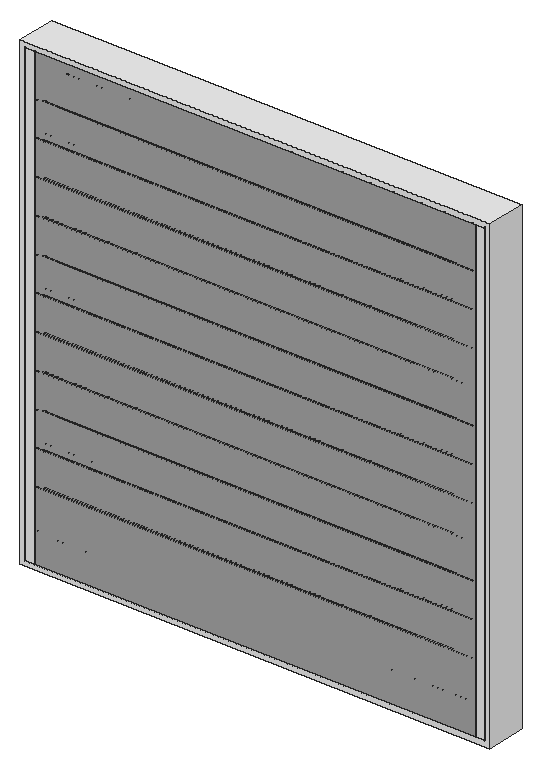
Revit family
Parameters (values of type "Louver_Non-Drnable_EFJ-437_All-Lite")
  URL = "http://www.alllite-louvers.com"
  Specifications = "http://www.alllite-louvers.com/catalog/AEFJ-437-csi-specification.doc"
  Spacing = 0.333 ft
  SmartBIM Object Version = 3  # constant formula
  SmartBIM Object Created By = "Reed Construction Data"  # constant formula
  Shim Thickness = 0.042 ft
  Screen Width = Width - (2 * Shim Thickness) - 2 * 0.083333 ft  # 3.749333 ft
  Screen Height = Height - (2 * Shim Thickness)  # 3.916 ft
  Screen = Aluminum
  Rough Width = 0.0 ft
  Rough Height = 0.0 ft
  Product URL = "http://www.alllite-louvers.com/catalog.php?model=EFJ-437"
  Pressure Loss (in.wg.) = "0.07"  # constant formula
  OmniClass Title = "Exterior Louvers and Grilles"  # constant formula
  OmniClass Code = "23-60 11 17"  # constant formula
  Model Number = "EFJ-437"  # constant formula
  Model = ""
  Minimum Size = "4.5\" x 6\""
  Maximum Size - Single Section = "60\" x 120\" or 120\" x 60\""
  Maximum Size - Multiple Section = "Unlimited"
  Manufacturer = "All-Lite"  # constant formula
  Louver Width = Width - (2 * Shim Thickness) - 0.166667 ft  # 3.749333 ft
  Louver = Mill finish, 6063-T5 Extruded Aluminum
  Installation = "http://www.alllite-louvers.com/catalog/Installation.pdf"
  Height = 4.0 ft
  Free Area for 48”x48” Louver = "56.9%"
  Free Area Velocity (fpm) = "721"  # constant formula
  Free Area (ft²) for 48"x48" Louver = 9.1 ft
  Frame = Mill finish, 6063-T5 Extruded Aluminum
  Default Sill Height = 3.0 ft
  Wall Closure = (empty or 0)
  Width = 4.0 ft
  Cut Sheet = "http://www.alllite-louvers.com/catalog/AEFJ437.pdf"
  Assembly Code = "B2010300"
  Air Volume Delivered (cfm) = "6,547"  # constant formula
  95 CSI = "10200 "  # constant formula
  04 CSI = "08 91 00"  # constant formula
  # of Louvers = (Height - 0.25 ft) / (Spacing)  # 11
Reference planes (ft)
  plane 1 "Center (Front/Back)": y = 0
  plane 2: z = 0.291667
  plane 3 "Center (Left/Right)": x = 0
  plane 4 "Left": x = -2
  plane 5 "Right": x = 2
  plane 6 "Sill": z = 3.291667
  plane 7 "Top": z = 7.291667
  plane 8: x = -1.958
  plane 9: x = 1.958
  plane 10: z = 7.249667
  plane 11: z = 3.333667
  plane 12: z = 5.291667
  plane 13: z = 6.940896
  plane 14: z = 3.642437
Forms (ft)
  Sweep 1, solid, material "Mill finish, 6063-T5 Extruded Aluminum" <- "Frame"
    path origin (-5, 0.333333, 0) x (-1, 0, 0) y (0, 0, 1)
      loop
        line (-6.874667, 7.249667) -> (-3.125333, 7.249667)
    profile "Head Horizontal Mullion : Head Horizontal Mullion" origin (0, 0.333333, 7.249667) x (0, 0, 1) y (0, 1, 0)
      loop
        arc (-0.070516, -0.250143) -> (-0.066098, -0.250275) -> (-0.065966, -0.245857) r 0.003125
        arc (-0.065966, -0.245857) -> (-0.072458, -0.24206) -> (-0.079973, -0.242379) r 0.013333
        arc (-0.079973, -0.242379) -> (-0.082687, -0.24204) -> (-0.084094, -0.239694) r 0.003125
        line (-0.084094, -0.239694) -> (-0.091772, -0.151927) -> (-0.077226, -0.00675) -> (-0.00675, -0.00675) -> (-0.00675, -0.03125) -> (0, -0.03125) -> (0, 0) -> (-0.083333, 0) -> (-0.098239, -0.148762)
        arc (-0.098239, -0.148762) -> (-0.100294, -0.151392) -> (-0.103551, -0.150667) r 0.003125
        line (-0.103551, -0.150667) -> (-0.252247, -0.002871)
        arc (-0.252247, -0.002871) -> (-0.255444, -0.000746) -> (-0.259209, 0) r 0.009875
        line (-0.259209, 0) -> (-0.315786, 0)
        arc (-0.315786, 0) -> (-0.319161, -0.003375) -> (-0.315786, -0.00675) r 0.003375
        line (-0.315786, -0.00675) -> (-0.25792, -0.00675) -> (-0.203148, -0.06119)
        arc (-0.203148, -0.06119) -> (-0.202259, -0.06386) -> (-0.203876, -0.066162) r 0.003125
        arc (-0.203876, -0.066162) -> (-0.205688, -0.067329) -> (-0.207288, -0.068774) r 0.013333
        arc (-0.207288, -0.068774) -> (-0.207157, -0.073191) -> (-0.202739, -0.07306) r 0.003125
        arc (-0.202739, -0.07306) -> (-0.1905, -0.077917) -> (-0.202739, -0.082774) r 0.007083
        arc (-0.202739, -0.082774) -> (-0.207157, -0.082642) -> (-0.207288, -0.08706) r 0.003125
        arc (-0.207288, -0.08706) -> (-0.195788, -0.091129) -> (-0.18579, -0.084138) r 0.013333
        arc (-0.18579, -0.084138) -> (-0.183498, -0.082507) -> (-0.180823, -0.08338) r 0.003125
        line (-0.180823, -0.08338) -> (-0.099031, -0.164677)
        arc (-0.099031, -0.164677) -> (-0.097676, -0.166602) -> (-0.097065, -0.168876) r 0.00675
        line (-0.097065, -0.168876) -> (-0.083333, -0.325833) -> (0, -0.325833) -> (0, -0.294583) -> (-0.00675, -0.294583) -> (-0.00675, -0.319083) -> (-0.077148, -0.319083) -> (-0.081308, -0.271536)
        arc (-0.081308, -0.271536) -> (-0.08033, -0.268982) -> (-0.077716, -0.268176) r 0.003125
        arc (-0.077716, -0.268176) -> (-0.071343, -0.267611) -> (-0.065966, -0.264143) r 0.013333
        arc (-0.065966, -0.264143) -> (-0.066098, -0.259725) -> (-0.070516, -0.259857) r 0.003125
        arc (-0.070516, -0.259857) -> (-0.082755, -0.255) -> (-0.070516, -0.250143) r 0.007083
  Sweep 2, solid, material "Mill finish, 6063-T5 Extruded Aluminum" <- "Frame"
    path origin (-5, 0.333333, 0) x (-1, 0, 0) y (0, 0, 1)
      loop
        line (-6.874667, 3.333667) -> (-3.125333, 3.333667)
    profile "Horizontal Mullion : Horizontal Mullion" origin (0, 0.333333, 3.333667) x (0, 0, 1) y (0, 1, 0)
      loop
        arc (0.070516, -0.07569) -> (0.066098, -0.075559) -> (0.065966, -0.079976) r 0.003125
        arc (0.065966, -0.079976) -> (0.072458, -0.083774) -> (0.079973, -0.083454) r 0.013333
        arc (0.079973, -0.083454) -> (0.082687, -0.083794) -> (0.084094, -0.086139) r 0.003125
        line (0.084094, -0.086139) -> (0.091772, -0.173906) -> (0.077226, -0.319083) -> (0.00675, -0.319083) -> (0.00675, -0.294583) -> (0, -0.294583) -> (0, -0.325833) -> (0.083333, -0.325833) -> (0.098239, -0.177072)
        arc (0.098239, -0.177072) -> (0.100294, -0.174442) -> (0.103551, -0.175167) r 0.003125
        line (0.103551, -0.175167) -> (0.252247, -0.322962)
        arc (0.252247, -0.322962) -> (0.255444, -0.325087) -> (0.259209, -0.325833) r 0.009875
        line (0.259209, -0.325833) -> (0.315786, -0.325833)
        arc (0.315786, -0.325833) -> (0.319161, -0.322458) -> (0.315786, -0.319083) r 0.003375
        line (0.315786, -0.319083) -> (0.25792, -0.319083) -> (0.203148, -0.264643)
        arc (0.203148, -0.264643) -> (0.202259, -0.261974) -> (0.203876, -0.259672) r 0.003125
        arc (0.203876, -0.259672) -> (0.205688, -0.258504) -> (0.207288, -0.25706) r 0.013333
        arc (0.207288, -0.25706) -> (0.207157, -0.252642) -> (0.202739, -0.252774) r 0.003125
        arc (0.202739, -0.252774) -> (0.1905, -0.247917) -> (0.202739, -0.24306) r 0.007083
        arc (0.202739, -0.24306) -> (0.207157, -0.243191) -> (0.207288, -0.238774) r 0.003125
        arc (0.207288, -0.238774) -> (0.195788, -0.234705) -> (0.18579, -0.241695) r 0.013333
        arc (0.18579, -0.241695) -> (0.183498, -0.243326) -> (0.180823, -0.242454) r 0.003125
        line (0.180823, -0.242454) -> (0.099031, -0.161157)
        arc (0.099031, -0.161157) -> (0.097676, -0.159231) -> (0.097065, -0.156958) r 0.00675
        line (0.097065, -0.156958) -> (0.083333, 0) -> (0, 0) -> (0, -0.03125) -> (0.00675, -0.03125) -> (0.00675, -0.00675) -> (0.077148, -0.00675) -> (0.081308, -0.054297)
        arc (0.081308, -0.054297) -> (0.08033, -0.056852) -> (0.077716, -0.057658) r 0.003125
        arc (0.077716, -0.057658) -> (0.071343, -0.058222) -> (0.065966, -0.06169) r 0.013333
        arc (0.065966, -0.06169) -> (0.066098, -0.066108) -> (0.070516, -0.065976) r 0.003125
        arc (0.070516, -0.065976) -> (0.082755, -0.070833) -> (0.070516, -0.07569) r 0.007083
  Sweep 3, solid, material "Mill finish, 6063-T5 Extruded Aluminum" <- "Frame"
    path origin (-5, 0.333333, 0) x (-1, 0, 0) y (0, 0, 1)
      loop
        line (-6.958, 3.333667) -> (-6.958, 7.249667)
    profile "Vertical Mullion : Vertical Mullion" origin (1.958, 0.333333, 5.291667) x (1, 0, 0) y (0, 1, 0)
      loop
        line (-0.010417, -0.010417) -> (-0.010417, -0.041667) -> (0, -0.041667) -> (0, 0) -> (-0.083333, 0) -> (-0.083333, -0.333247) -> (0, -0.333247) -> (0, -0.291581) -> (-0.010417, -0.291581) -> (-0.010417, -0.322831) -> (-0.072917, -0.322831) -> (-0.072917, -0.010417) -> (-0.010417, -0.010417)
  Sweep 4, solid, material "Mill finish, 6063-T5 Extruded Aluminum" <- "Frame"
    path origin (5, 0.333333, 0) x (1, 0, 0) y (0, 0, -1)
      loop
        line (-6.958, -3.333667) -> (-6.958, -7.249667)
    profile "Vertical Mullion : Vertical Mullion" origin (-1.958, 0.333333, 5.291667) x (1, 0, 0) y (0, 1, 0)
      loop
        line (0.010417, -0.010417) -> (0.072917, -0.010417) -> (0.072917, -0.322831) -> (0.010417, -0.322831) -> (0.010417, -0.291581) -> (0, -0.291581) -> (0, -0.333247) -> (0.083333, -0.333247) -> (0.083333, 0) -> (0, 0) -> (0, -0.041667) -> (0.010417, -0.041667) -> (0.010417, -0.010417)
  Sweep 5, solid, material "Mill finish, 6063-T5 Extruded Aluminum" <- "Frame"
    path origin (-5, 0.333333, 0) x (-1, 0, 0) y (0, 0, 1)
      loop
        line (-3, 7.291667) -> (-7, 7.291667) -> (-7, 3.291667) -> (-3, 3.291667) -> (-3, 7.291667)
    profile origin (-2, 0.333333, 5.291667) x (0, 1, 0) y (-1, 0, 0)
      loop
        line (0, 0) -> (-0.333333, 0) -> (-0.333333, -0.042) -> (0, -0.042) -> (0, 0)
  Extrusion 6, solid, material "Aluminum" <- "Screen"
    sketch origin (1.385417, 0.0075, 7.25) x (-1, 0, 0) y (0, 0, -1)
      loop
        line (3.260083, 0.000333) -> (3.260083, 3.916333) -> (-0.48925, 3.916333) -> (-0.48925, 0.000333) -> (3.260083, 0.000333)
    from -0.00675 to 0.0075
Cuts and joins
  joined: Sweep 2, Sweep 3, Sweep 4
Lines and regions (ft)
  Opening 1
    outline origin (-5, -0.333333, 0) x (1, 0, 0) y (0, 0, 1)
      loop
        line (3, 7.291667) -> (3, 3.291667) -> (7, 3.291667) -> (7, 7.291667) -> (3, 7.291667)
  Masking region 1, detail levels fine
    outline origin (0, 0, 0) x (1, 0, 0) y (0, 1, 0)
      loop
        line (-1.958, 0.291667) -> (-1.947583, 0.291667) -> (-1.947583, 0.322917) -> (-1.885083, 0.322917) -> (-1.885083, 0.010503) -> (-1.947583, 0.010503) -> (-1.947583, 0.041753) -> (-1.958, 0.041753) -> (-1.958, 0) -> (-1.874667, 0) -> (-1.874667, 0.333333) -> (-1.958, 0.333333) -> (-1.958, 0.291667)
      loop
        line (1.947583, 0.322917) -> (1.947583, 0.291667) -> (1.958, 0.291667) -> (1.958, 0.333333) -> (1.874667, 0.333333) -> (1.874667, 0) -> (1.958, 0) -> (1.958, 0.041753) -> (1.947583, 0.041753) -> (1.947583, 0.010503) -> (1.885083, 0.010503) -> (1.885083, 0.322917) -> (1.947583, 0.322917)
  Masking region 2
    outline origin (0, 0, 0) x (1, 0, 0) y (0, 1, 0)
      loop
        line (2, 0.333333) -> (1.874667, 0.333333) -> (1.874667, 0) -> (2, 0) -> (2, 0.333333)
      loop
        line (-2, 0) -> (-1.874667, 0) -> (-1.874667, 0.333333) -> (-2, 0.333333) -> (-2, 0)
Text (ft)
  text "EXTERIOR" at (-4.890733, 4.242245, 0), in view "Ref. Level"
  text "INTERIOR" at (-4.890733, -3.147199, 0), in view "Ref. Level"
  text "Exterior" at (0, 3.638026, 10.266337), in view "Left"
  text "Exterior" at (0, 1.524487, 10.420622), in view "Right"
Dimensions and locks (ft)
  equal spacing: plane 4 "Left", plane 3 "Center (Left/Right)", plane 5 "Right"
  "Width": plane 4 "Left" to plane 5 "Right"
  "Height": plane 6 "Sill" to plane 7 "Top"
  "Default Sill Height": plane 2 to plane 6 "Sill"
  "Shim Thickness": plane 4 "Left" to plane 8
  "Shim Thickness": plane 9 to plane 5 "Right"
  "Shim Thickness": plane 10 to plane 7 "Top"
  "Shim Thickness": plane 6 "Sill" to plane 11
  equal spacing: plane 11, plane 12, plane 10
  Sweep 5 to Sweep 5 = 0.333333 ft
  locked: plane 10 to plane 13 at 0.30877
  locked: plane 11 to plane 14 at 0.30877
  equal spacing: group 1, group 3, group 4, group 5, group 6, group 7, group 8, group 9, group 10, group 11, group 2  (x2)
  equal spacing: group 2, group 11, group 10, group 9, group 8, group 7, group 6, group 5, group 4, group 3, group 1
  aligned and locked: plane 7 "Top" to Opening 1 sketch curve
  aligned and locked: plane 6 "Sill" to Opening 1 sketch curve  (x2)
  aligned and locked: plane 5 "Right" to Opening 1 sketch curve
  aligned and locked: plane 4 "Left" to Opening 1 sketch curve
  aligned and locked: plane 10 to Sweep 1 sketch curve
  aligned and locked: Sweep 2 sketch curve to plane 11
  aligned and locked: plane 9 to Sweep 3 sketch curve
  aligned and locked: Sweep 4 sketch curve to plane 8
  aligned and locked: Sweep 5 sketch curve to plane 4 "Left"
  aligned and locked: Sweep 5 sketch curve to plane 7 "Top"
  aligned and locked: Sweep 5 sketch curve to plane 6 "Sill"
  aligned and locked: Sweep 5 sketch curve to plane 5 "Right"
  aligned and locked: Sweep 5 sketch curve to host wall  (x2)
  aligned and locked: plane 8 to Sweep 5 sketch curve
  aligned and locked: plane 10 to Sweep 4 sketch curve
  aligned and locked: profile plane to host wall
  aligned and locked: Sweep 5 to Extrusion 6
  aligned and locked: Sweep 1 sketch curve to cut or joined group of Sweep 2, Sweep 3, Sweep 4  (x2)
  aligned and locked: plane 11 to Sweep 4 sketch curve
  aligned and locked: plane 11 to Sweep 3 sketch curve
  aligned and locked: Sweep 5 to nested 1
  aligned and locked: plane 13 to nested 1
  aligned and locked: Sweep 5 to nested 2
  aligned and locked: nested 2 to plane 14
  aligned and locked: Sweep 5 to Extrusion 6 sketch curve  (x2)
  aligned and locked: Extrusion 6 to cut or joined group of Sweep 2, Sweep 3, Sweep 4
  aligned and locked: Masking region 1 sketch curve to cut or joined group of Sweep 2, Sweep 3, Sweep 4  (x15)
  aligned and locked: Masking region 1 sketch curve to Sweep 5  (x2)
  aligned and locked: Sweep 5 to Masking region 1 sketch curve  (x5)
  aligned and locked: Masking region 1 sketch curve to nested 11  (x2)
  aligned and locked: Masking region 2 sketch curve to host wall
  aligned and locked: host wall to Masking region 2 sketch curve
  aligned and locked: Extrusion 6 to Masking region 2 sketch curve
  aligned and locked: Masking region 2 sketch curve to Masking region 1  (x2)
  aligned and locked: Sweep 5 to Masking region 2 sketch curve
  aligned and locked: Masking region 2 sketch curve to Sweep 5
  aligned and locked: Masking region 2 sketch curve to cut or joined group of Sweep 2, Sweep 3, Sweep 4
Automatic sketch dimensions
  Sweep 3 sketch curve to plane 10 = 0.0 ft
  plane 9 to Sweep 2 sketch curve = 0.083333 ft
  plane 8 to Sweep 2 sketch curve = 0.083333 ft
  plane 9 to Extrusion 6 sketch curve = 0.083333 ft
  plane 8 to Extrusion 6 sketch curve = 0.083333 ft
  Masking region 1 sketch curve to plane 9 = 0.0 ft
Nested families (ft)
  nested 1: "Louver Single" at (0, 0.25273, 6.597234), type "Louver"
    with Louver Length 3.749333 ft
  nested 2: "Louver Single" at (0, 0.25273, 3.642437), type "Louver"
    with Louver Length 3.749333 ft
  nested 3: "Louver Single" at (0, 0.25273, 6.301755), type "Louver"
    with Louver Length 3.749333 ft
  nested 4: "Louver Single" at (0, 0.25273, 6.006275), type "Louver"
    with Louver Length 3.749333 ft
  nested 5: "Louver Single" at (0, 0.25273, 5.710795), type "Louver"
    with Louver Length 3.749333 ft
  nested 6: "Louver Single" at (0, 0.25273, 5.415315), type "Louver"
    with Louver Length 3.749333 ft
  nested 7: "Louver Single" at (0, 0.25273, 5.119836), type "Louver"
    with Louver Length 3.749333 ft
  nested 8: "Louver Single" at (0, 0.25273, 4.824356), type "Louver"
    with Louver Length 3.749333 ft
  nested 9: "Louver Single" at (0, 0.25273, 4.528876), type "Louver"
    with Louver Length 3.749333 ft
  nested 10: "Louver Single" at (0, 0.25273, 4.233397), type "Louver"
    with Louver Length 3.749333 ft
  nested 11: "Louver Single" at (0, 0.25273, 3.937917), type "Louver"
    with Louver Length 3.749333 ft
Connectors (ft)
  hvac at (0, 0, 5.291667), driven by "Screen Height", driven by "Screen Width"
    settings: on Extrusion 6, index 1
Definition of nested family "Louver Single"
  Parameters (values of type "Louver")
    Louver Length = 4.75 ft
    Depth = 0.333333 ft
    Louver Single = yes
    Louver = All-Lite - El Cajon Silver
    Assembly Code = ""
  Reference planes (ft)
    plane 1 "Center (Front/Back)": y = -0.085938
    plane 2: z = 0
    plane 3 "Center (Left/Right)": x = 0
    plane 4: x = -2.375
    plane 5: x = 2.375
    plane 6: z = 0.343662
    plane 7: y = -0.24523
  Forms (ft)
    Extrusion 1, solid, material "All-Lite - El Cajon Silver" <- "Louver"
      sketch origin (0, -0.672576, -0.474712) x (0, 1, 0) y (0, 0, 1)
        loop
          arc (0.74643, 0.481033) -> (0.748021, 0.474948) -> (0.75318, 0.478545) r 0.003833
          line (0.75318, 0.478545) -> (0.75318, 0.534096)
          arc (0.75318, 0.534096) -> (0.752523, 0.536884) -> (0.750691, 0.539087) r 0.00625
          line (0.750691, 0.539087) -> (0.520512, 0.71254)
          arc (0.520512, 0.71254) -> (0.517381, 0.714683) -> (0.514067, 0.716532) r 0.041667
          line (0.514067, 0.716532) -> (0.435824, 0.755646)
          arc (0.435824, 0.755646) -> (0.434563, 0.756798) -> (0.434097, 0.758441) r 0.003125
          line (0.434097, 0.758441) -> (0.434097, 0.81506)
          arc (0.434097, 0.81506) -> (0.430722, 0.818435) -> (0.427347, 0.81506) r 0.003375
          line (0.427347, 0.81506) -> (0.427347, 0.7562)
          arc (0.427347, 0.7562) -> (0.42828, 0.752914) -> (0.430802, 0.75061) r 0.00625
          line (0.430802, 0.75061) -> (0.498504, 0.716766)
          arc (0.498504, 0.716766) -> (0.500392, 0.713776) -> (0.498622, 0.710716) r 0.003417
          arc (0.498622, 0.710716) -> (0.49277, 0.70447) -> (0.491729, 0.695974) r 0.013792
          arc (0.491729, 0.695974) -> (0.493644, 0.693552) -> (0.496729, 0.693701) r 0.003375
          arc (0.496729, 0.693701) -> (0.498114, 0.695227) -> (0.498353, 0.697273) r 0.003375
          arc (0.498353, 0.697273) -> (0.508784, 0.704727) -> (0.507545, 0.691967) r 0.007042
          arc (0.507545, 0.691967) -> (0.505892, 0.690736) -> (0.505263, 0.688774) r 0.003375
          arc (0.505263, 0.688774) -> (0.506676, 0.686028) -> (0.509732, 0.685581) r 0.003375
          arc (0.509732, 0.685581) -> (0.516435, 0.690542) -> (0.519054, 0.698459) r 0.013792
          arc (0.519054, 0.698459) -> (0.520941, 0.701447) -> (0.52446, 0.701113) r 0.003375
          line (0.52446, 0.701113) -> (0.676605, 0.586463)
          arc (0.676605, 0.586463) -> (0.677936, 0.583472) -> (0.676102, 0.580759) r 0.003375
          arc (0.676102, 0.580759) -> (0.66995, 0.574506) -> (0.668813, 0.565808) r 0.013792
          arc (0.668813, 0.565808) -> (0.670728, 0.563385) -> (0.673812, 0.563534) r 0.003375
          arc (0.673812, 0.563534) -> (0.675197, 0.56506) -> (0.675436, 0.567107) r 0.003375
          arc (0.675436, 0.567107) -> (0.685867, 0.57456) -> (0.684628, 0.5618) r 0.007042
          arc (0.684628, 0.5618) -> (0.682976, 0.560569) -> (0.682347, 0.558607) r 0.003375
          arc (0.682347, 0.558607) -> (0.683759, 0.555861) -> (0.686815, 0.555414) r 0.003375
          arc (0.686815, 0.555414) -> (0.692754, 0.559412) -> (0.695888, 0.565849) r 0.013792
          arc (0.695888, 0.565849) -> (0.697991, 0.568359) -> (0.701233, 0.567904) r 0.003375
          line (0.701233, 0.567904) -> (0.745186, 0.534784)
          arc (0.745186, 0.534784) -> (0.746102, 0.533683) -> (0.74643, 0.532288) r 0.003125
          line (0.74643, 0.532288) -> (0.74643, 0.481033)
      from -2.375 to 2.375
  Dimensions and locks (ft)
    equal spacing: plane 4, plane 3 "Center (Left/Right)", plane 5
    "Louver Length": plane 4 to plane 5
    aligned and locked: Extrusion 1 to plane 4
    aligned and locked: plane 5 to Extrusion 1
    aligned and locked: plane 7 to Extrusion 1
  Automatic sketch dimensions
    Extrusion 1 sketch curve to Extrusion 1 sketch curve = 0.0 ft  (x31)
    Extrusion 1 sketch curve to Extrusion 1 sketch curve = 0.003375 ft  (x4)
    Extrusion 1 sketch curve to Extrusion 1 sketch curve = 0.003455 ft
    Extrusion 1 sketch curve to Extrusion 1 sketch curve = 0.0005 ft
    Extrusion 1 sketch curve to Extrusion 1 sketch curve = 0.002228 ft
    Extrusion 1 sketch curve to Extrusion 1 sketch curve = 0.001397 ft
    Extrusion 1 sketch curve to Extrusion 1 sketch curve = 0.003312 ft  (x2)
    Extrusion 1 sketch curve to Extrusion 1 sketch curve = 0.001687 ft  (x2)
    Extrusion 1 sketch curve to Extrusion 1 sketch curve = 0.001377 ft
    Extrusion 1 sketch curve to Extrusion 1 sketch curve = 0.001528 ft  (x2)
    Extrusion 1 sketch curve to Extrusion 1 sketch curve = 0.001645 ft
    Extrusion 1 sketch curve to Extrusion 1 sketch curve = 0.001292 ft
    Extrusion 1 sketch curve to Extrusion 1 sketch curve = 0.00691 ft  (x2)
    Extrusion 1 sketch curve to Extrusion 1 sketch curve = 0.008534 ft  (x2)
    Extrusion 1 sketch curve to Extrusion 1 sketch curve = 0.002281 ft  (x2)
    Extrusion 1 sketch curve to Extrusion 1 sketch curve = 0.008804 ft
    Extrusion 1 sketch curve to Extrusion 1 sketch curve = 0.011509 ft
    Extrusion 1 sketch curve to Extrusion 1 sketch curve = 0.002031 ft  (x3)
    Extrusion 1 sketch curve to Extrusion 1 sketch curve = 0.006445 ft
    Extrusion 1 sketch curve to plane 1 "Center (Front/Back)" = 0.082174 ft
    Extrusion 1 sketch curve to Extrusion 1 sketch curve = 0.000863 ft
    Extrusion 1 sketch curve to Extrusion 1 sketch curve = 0.01126 ft
    Extrusion 1 sketch curve to Extrusion 1 sketch curve = 0.003314 ft
    Extrusion 1 sketch curve to Extrusion 1 sketch curve = 0.001881 ft
    Extrusion 1 sketch curve to Extrusion 1 sketch curve = 0.001244 ft
    Extrusion 1 sketch curve to Extrusion 1 sketch curve = 0.001744 ft
    Extrusion 1 sketch curve to Extrusion 1 sketch curve = 0.002917 ft
    Extrusion 1 sketch curve to Extrusion 1 sketch curve = 0.000688 ft
    level to Extrusion 1 sketch curve = 0.006321 ft
    Extrusion 1 sketch curve to Extrusion 1 sketch curve = 0.011427 ft
    Extrusion 1 sketch curve to Extrusion 1 sketch curve = 0.000555 ft
    Extrusion 1 sketch curve to Extrusion 1 sketch curve = 0.044103 ft
    Extrusion 1 sketch curve to Extrusion 1 sketch curve = 0.003761 ft
    plane 1 "Center (Front/Back)" to Extrusion 1 sketch curve = 0.062179 ft
    Extrusion 1 sketch curve to Extrusion 1 sketch curve = 0.061282 ft
    Extrusion 1 sketch curve to Extrusion 1 sketch curve = 0.033844 ft
    Extrusion 1 sketch curve to Extrusion 1 sketch curve = 0.056619 ft
    Extrusion 1 sketch curve to Extrusion 1 sketch curve = 0.002489 ft
    Extrusion 1 sketch curve to Extrusion 1 sketch curve = 0.051256 ft
    Extrusion 1 sketch curve to Extrusion 1 sketch curve = 0.023126 ft
    Extrusion 1 sketch curve to Extrusion 1 sketch curve = 0.095495 ft
    Extrusion 1 sketch curve to Extrusion 1 sketch curve = 0.006318 ft
